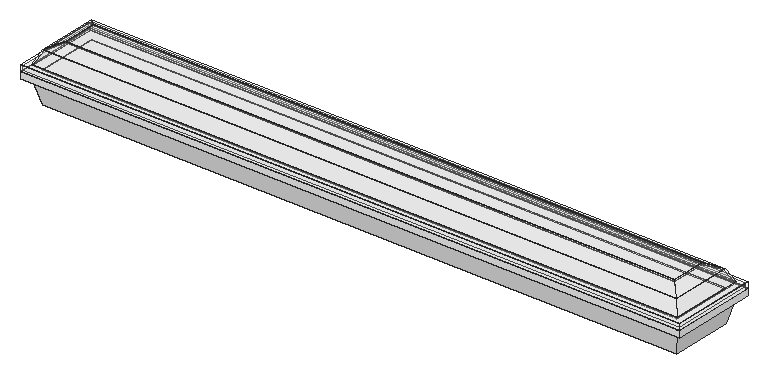
Revit family "SCVM", category Lighting Fixtures, host Face, Revit 2014
Parameters (values of type "SCVM")
  Wattage = 102 W
  Warranty = "5 Year Limited Warranty"  # constant formula
  built-in parameter 1150110 = 1 (stored number, unit not read)
  Voltage = 120 V
  Wattage Comments = ""
  URL = "https://www.hubbell.com/hubbelllightingci/en/"
  built-in parameter 1114217 = 1 (stored number, unit not read)
  Tilt Angle = -90.00°
  built-in parameter 1150109 = 1 (stored number, unit not read)
  built-in parameter 1150134 = 12
  built-in parameter 1150113 = 1 (stored number, unit not read)
  Product Page Link = "https://www.hubbell.com/hubbelllightingci/en/Products/Lighting-Controls/Industrial-Lighting/Extreme-Environment/SCVW/p/3563134"
  Product Documentation Link = "https://hubbellcdn.com/specsheet/HLI_SCVW_spec.pdf"
  Photometric Web File = "GEneric.ies"
  Nominal Watts = 102 W
  Model = "SCVM"  # constant formula
  Manufacturer = "Hubbell Lighting"  # constant formula
  Row Length = 4.0 ft
  built-in parameter 1150105 = 852.27 (stored number, unit not read)
  Lumens = 10710 lm
  built-in parameter 1150115 = 1 (stored number, unit not read)
  built-in parameter 1150137 = (empty or 0)
  built-in parameter 1150139 = (empty or 0)
  built-in parameter 1150112 = 1 (stored number, unit not read)
  built-in parameter 1150114 = 1 (stored number, unit not read)
  Lamp = "LED Lamp"
  built-in parameter 1150132 = (empty or 0)
  built-in parameter 1150102 = (empty or 0)
  built-in parameter 1150107 = 4000 (stored number, unit not read)
  built-in parameter 1150138 = (empty or 0)
  built-in parameter 1150106 = 8.5227 (stored number, unit not read)
  Glass = White Glass
  Emit from Line Length = 2.0 ft
  built-in parameter 1150104 = 9.7548 (stored number, unit not read)
  Dimming Lamp Color Temperature Shift = <None>
  Description = "VAPORTITE WITH SPECTRACLEAN™ ANTIMICROBIAL LIGHTING"  # constant formula
  Default Elevation = 4.0 ft
  Contact us = "https://www.hubbell.com/hubbelllightingci/en/contactUs"
  Color Filter = 16777215
  built-in parameter 1114218 = 1 (stored number, unit not read)
  Backbox = White
  built-in parameter 1150133 = 10 (stored number, unit not read)
  Apparent Load = 0 VA
Reference planes (ft)
  plane 1 "Center (Front/Back)": y = 0.003333
  plane 2: z = 0
  plane 3 "Center (Left/Right)": x = 0.13912
  plane 4: x = -1.86088
  plane 5: x = 2.13912
Dimensions and locks (ft)
  equal spacing: plane 5, plane 3 "Center (Left/Right)", plane 4
  "Row Length": plane 5 to plane 4
  aligned and locked: plane 2 to host face
  aligned and locked: level to host face
  aligned and locked: plane 3 "Center (Left/Right)" to nested 1
  aligned and locked: plane 4 to nested 1
  aligned and locked: plane 1 "Center (Front/Back)" to nested 1
  aligned and locked: imposter light to nested 1
  aligned and locked: imposter light to plane 1 "Center (Front/Back)"
  aligned and locked: plane 3 "Center (Left/Right)" to imposter light
Automatic sketch dimensions
  host sketch curve to host sketch curve = 8.0 ft  (x2)
Nested families (ft)
  nested 1: "LED Enclosed and Gasketed" at (0.309759, 0, 0), Row Length <- "Row Length", Glass <- "Glass", Backbox <- "Backbox", type "LED Enclosed and Gasketed"
    with Row Length 4.0 ft, Glass White Glass, Backbox White
Connectors (ft)
  electrical at (0.13912, 0.003333, 0), driven by "Voltage", driven by "Description"
    settings: on nested 1, index 1, voltage 120 V, apparent load 0 VA, apparent load phase1 0 VA, apparent load phase2 0 VA, apparent load phase3 0 VA, power factor 1, load classification "Other", number of poles 1, system type 30, power factor state 1, is connector primary yes, connector utility no, sub classification motor no, connector description "VAPORTITE WITH SPECTRACLEAN™ ANTIMICROBIAL LIGHTING"
Definition of nested family "LED Enclosed and Gasketed"
  Parameters (values of type "LED Enclosed and Gasketed")
    Wattage Comments = ""
    URL = ""
    Row Length [instance] = 4.0 ft
    Product Page URL = ""
    Product Documentation Link = ""
    Model = ""
    Manufacturer Phone = "(864)-678-1000"  # constant formula
    Manufacturer Fax = "(866)-898-1065"  # constant formula
    Manufacturer = ""
    Lamp = ""
    Glass [instance] = White Glass
    Description = ""
    Default Elevation = 4.0 ft
    Backbox [instance] = White
  Reference planes (ft)
    plane 1 "Center (Front/Back)": y = 0.003333
    plane 2: z = 0
    plane 3 "Center (Left/Right)": x = -0.170639
    plane 4: x = -2.337306
    plane 5: x = 1.996027
    plane 6: y = 0.28574
    plane 7: y = -0.279075
    plane 8: z = 0.364583
    plane 9: z = 0.2
    plane 10: y = 0.244073
    plane 11: y = -0.237408
    plane 12: y = 0.202407
    plane 13: y = -0.195741
    plane 14: x = -2.170639
    plane 15: x = 1.829361
    plane 16: z = 0.322917
    plane 17: z = 0.241667
    plane 18: y = 0.119073
    plane 19: z = 0.35625
    plane 20: z = 0.0625
    plane 21: y = -0.112408
    plane 22: z = 0.158333
  Forms (ft)
    Extrusion 1, solid
      sketch origin (0, 0, 0.005297) x (1, 0, 0) y (0, 1, 0)
        loop
          line (-4, 4) -> (-4, -4) -> (4, -4) -> (4, 4) -> (-4, 4)
      from -0.005297 to -1.478638
    Extrusion 2, solid, material "White" <- "Backbox"
      sketch origin (0, 1.902299, 0.2) x (0, 1, 0) y (-1, 0, 0)
        loop
          line (-1.783226, 2.170639) -> (-2.014707, 2.170639) -> (-2.014707, -1.829361) -> (-1.783226, -1.829361) -> (-1.783226, 2.170639)
      from -0.2 to 0
    Sweep 3, solid, material "White" <- "Backbox"
      path origin (0, 1.902299, 0.2) x (0, 1, 0) y (-1, 0, 0)
        loop
          line (-1.616559, 2.337306) -> (-2.181374, 2.337306) -> (-2.181374, -1.996027) -> (-1.616559, -1.996027) -> (-1.616559, 2.337306)
      profile origin (-0.170639, 0.28574, 0.2) x (0, 1, 0) y (0, 0, 1)
        loop
          line (0, 0) -> (-0.166667, 0) -> (-0.166667, -0.2) -> (-0.083333, -0.2) -> (-0.041667, -0.041667) -> (0, -0.041667) -> (0, 0)
    Sweep 4, solid, material "White Glass" <- "Glass"
      path origin (0, 1.902299, 0.2) x (0, 1, 0) y (-1, 0, 0)
        loop
          line (-1.616559, 2.337306) -> (-2.181374, 2.337306) -> (-2.181374, -1.996027) -> (-1.616559, -1.996027) -> (-1.616559, 2.337306)
      profile origin (-0.170639, 0.28574, 0.2) x (0, 1, 0) y (0, 0, 1)
        loop
          line (0, 0) -> (0, 0.041667) -> (-0.041667, 0.041667) -> (-0.083333, 0.122917) -> (-0.166667, 0.164583) -> (-0.166667, 0.155266) -> (-0.089502, 0.116684) -> (-0.046758, 0.033333) -> (-0.008333, 0.033333) -> (-0.008333, 0.008333) -> (-0.083333, 0.008333) -> (-0.083333, 0) -> (0, 0)
    Extrusion 5, solid, material "White Glass" <- "Glass"
      sketch origin (-0.170639, 0, 0) x (0, 1, 0) y (0, 0, 1)
        loop
          line (0.119073, 0.364583) -> (-0.112408, 0.364583) -> (-0.112408, 0.355266) -> (0.119073, 0.355266) -> (0.119073, 0.364583)
      from -2 to 2
  Cuts and joins
    joined: Extrusion 2, Sweep 3
    joined: Sweep 4, Extrusion 5
  Dimensions and locks (ft)
    equal spacing: plane 5, plane 3 "Center (Left/Right)", plane 4
    equal spacing: plane 6, plane 1 "Center (Front/Back)", plane 7
    locked: plane 6 to plane 7 at 0.564815
    locked: plane 9 to plane 2 at 0.2
    locked: plane 8 to plane 2 at 0.364583
    equal spacing: plane 10, plane 1 "Center (Front/Back)", plane 11
    locked: plane 6 to plane 10 at 0.041667
    plane 10 to plane 12 = 0.041667 ft
    equal spacing: plane 12, plane 1 "Center (Front/Back)", plane 13
    plane 14 to plane 4 = 0.166667 ft
    equal spacing: plane 15, plane 3 "Center (Left/Right)", plane 14
    locked: plane 17 to plane 9 at 0.041667
    locked: plane 8 to plane 16 at 0.041667
    locked: plane 8 to plane 19 at 0.008333
    locked: plane 20 to level at 0.0625
    equal spacing: plane 21, plane 1 "Center (Front/Back)", plane 18
    locked: plane 9 to plane 22 at 0.041667
    "Row Length": plane 15 to plane 14
    locked: plane 6 to plane 18 at 0.166667
    locked: Sweep 4 sketch curve to Sweep 4 sketch curve at 0.009317
    locked: Sweep 4 sketch curve to Sweep 4 sketch curve at 0.008333  (x3)
    Sweep 4 sketch curve to Sweep 4 sketch curve to plane 17 = 0.008333 ft, 0.0 ft locked
    locked: plane 6 to Sweep 4 sketch curve at 0.008333
    aligned and locked: plane 2 to Extrusion 1
    aligned and locked: level to Extrusion 1
    aligned and locked: Extrusion 2 to level
    aligned and locked: plane 9 to Extrusion 2
    aligned and locked: plane 6 to Sweep 3 sketch curve
    aligned and locked: plane 4 to Sweep 3 sketch curve
    aligned and locked: Sweep 3 sketch curve to plane 7
    aligned and locked: Sweep 3 sketch curve to plane 5
    aligned and locked: plane 9 to Sweep 3 sketch curve
    aligned and locked: Sweep 3 sketch curve to plane 6
    aligned and locked: Sweep 3 sketch curve to plane 22
    aligned and locked: plane 22 to Sweep 3 sketch curve
    aligned and locked: plane 10 to Sweep 3 sketch curve
    aligned and locked: level to Sweep 3 sketch curve
    aligned and locked: plane 12 to Sweep 3 sketch curve
    aligned and locked: plane 18 to Sweep 3 sketch curve
    aligned and locked: Sweep 3 to Extrusion 2
    aligned and locked: Extrusion 2 to plane 2
    aligned and locked: Extrusion 2 to plane 14
    aligned and locked: plane 15 to Extrusion 2
    aligned and locked: Sweep 4 sketch curve to cut or joined group of Extrusion 2, Sweep 3  (x4)
    aligned and locked: Sweep 4 sketch curve to plane 9
    aligned and locked: plane 6 to Sweep 4 sketch curve
    aligned and locked: plane 17 to Sweep 4 sketch curve
    aligned and locked: plane 10 to Sweep 4 sketch curve
    aligned and locked: plane 16 to Sweep 4 sketch curve
    aligned and locked: plane 12 to Sweep 4 sketch curve
    aligned and locked: plane 18 to Sweep 4 sketch curve
    aligned and locked: plane 8 to Sweep 4 sketch curve
    aligned and locked: Extrusion 5 sketch curve to Sweep 4  (x4)
    aligned and locked: plane 15 to Extrusion 5
    aligned and locked: Extrusion 5 to plane 14
  Automatic sketch dimensions
    Extrusion 1 sketch curve to Extrusion 1 sketch curve = 8.0 ft  (x2)
    plane 21 to Extrusion 2 sketch curve = 0.0 ft
    plane 18 to Extrusion 2 sketch curve = 0.0 ft
    Extrusion 2 sketch curve to plane 15 = 0.0 ft
    plane 14 to Extrusion 2 sketch curve = 0.0 ft
    Sweep 4 sketch curve to Sweep 4 sketch curve = 0.041667 ft
